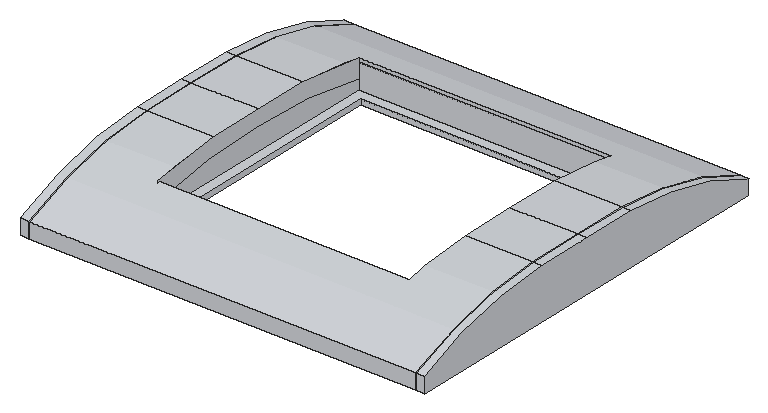
Revit family "Gira_0211726", category Electrical Fixtures, host Face, Revit 2017
Family settings
  Host = Face
  Maintain Annotation Orientation = No
  Round Connector Dimension = Use Diameter
  Part Type = Normal
  Cut with Voids When Loaded = No
  Shared = No
  Room Calculation Point = No
Parameters (values of type "Abdeckrahmen 1f Zwischenr. F Alu Gira Event Klar Weiß")
  Werkstoffgüte = "Thermoplast"
  Werkstoff = "Kunststoff"
  URL = "http://katalog.gira.de/de_DE/datenblatt.html?artikelnr=0211726"
  Transparent = "No"
  Textfeld/Beschriftungsfläche = "No"
  Schutzart (IP) = "IP20"
  Region = "DE"
  Oberfläche = "sonstige"
  Name = "Abdeckrahmen 1f Zwischenr. F Alu Gira Event Klar Weiß"
  Montagerichtung = "horizontal und vertikal"
  Mit Montagerahmen = "No"
  Mit Klappdeckel = "No"
  Manufacturer URL = "https://www.gira.de/"
  Keynote = "Event_Rahmen_1fach"
  HeinzeBIM = "https://bimportal.heinze.de/bim/abdeckrahmen-1f-zwischenr-f-alu-gira-event-klar-weiss/e2f1f1cba357852ec76cde7979d7bc786ecae6c0"
  Halogenfrei = "Yes"
  HAN = "0211726"
  Geeignet für Unterputz-Installation = "Yes"
  Geeignet für Unterflurkanaldose = "No"
  Geeignet für Geräteeinbaukanal = "No"
  Geeignet für Einbauinstallation = "No"
  GTIN = "4010337068709"
  Farbe = "weiß"
  Default Elevation = 1219.2 mm
  Data sheet (1) = "https://katalog.gira.de/de_DE/download.html?artikelnr=0211726"
  Category = "Abdeckrahmen"
  Befestigungsart = "Klemmbefestigung"
  Available = "Yes"
  Anzahl der Einheiten vertikal = "1 "
  Anzahl der Einheiten horizontal = "1 "
  Anzahl der Einheiten = "1 "
Reference planes
  plane 1 "Center (Front/Back)": y = 0
  plane 2: z = 0
  plane 3 "Center (Left/Right)": x = 0
Forms (mm)
  Extrusion 1, solid, detail levels fine
    sketch origin (0, 0, 1.55) x (0, 1, 0) y (0, 0, 1)
      loop
        arc (12.445, 9.683) -> (6.223, 9.833) -> (0, 9.85) r 291.636
        arc (0, 9.85) -> (-6.223, 9.833) -> (-12.445, 9.683) r 291.636
        arc (-12.445, 9.683) -> (-29.14, 7.482) -> (-45, 1.823) r 79.728
        line (-45, 1.823) -> (-45, -1.55) -> (-41.777, -1.55) -> (-41.777, -0.55)
        arc (-41.777, -0.55) -> (-21.205, 4.846) -> (0, 6.467) r 118.15
        arc (0, 6.467) -> (21.205, 4.846) -> (41.777, -0.55) r 118.15
        line (41.777, -0.55) -> (41.777, -1.55) -> (45, -1.55) -> (45, 1.823)
        arc (45, 1.823) -> (29.14, 7.482) -> (12.445, 9.683) r 79.728
    from -43 to 43
  Extrusion 2, void, detail levels fine
    sketch origin (0, 0, 0) x (1, 0, 0) y (0, 1, 0)
      loop
        line (-28, -28) -> (28, -28) -> (28, 28) -> (-28, 28) -> (-28, -28)
    from 2.85 to 12
  Extrusion 3, solid, detail levels coarse
    sketch origin (0, 0, 0) x (1, 0, 0) y (0, 1, 0)
      loop
        line (-45, 45) -> (-45, -45) -> (45, -45) -> (45, 45) -> (-45, 45)
    from 0 to 11.4
  Extrusion 4, solid, detail levels medium
    sketch origin (0, 0, 1.55) x (0, 1, 0) y (0, 0, 1)
      loop
        arc (12.445, 9.683) -> (6.223, 9.833) -> (0, 9.85) r 291.636
        arc (0, 9.85) -> (-6.223, 9.833) -> (-12.445, 9.683) r 291.636
        arc (-12.445, 9.683) -> (-29.14, 7.482) -> (-45, 1.823) r 79.728
        line (-45, 1.823) -> (-45, -1.55) -> (45, -1.55) -> (45, 1.823)
        arc (45, 1.823) -> (29.14, 7.482) -> (12.445, 9.683) r 79.728
    from -45 to 45
  Extrusion 5, solid, detail levels fine
    sketch origin (0, 0, 0) x (0, 1, 0) y (0, 0, 1)
      loop
        arc (45, 3.373) -> (29.14, 9.032) -> (12.445, 11.233) r 79.728
        arc (12.445, 11.233) -> (6.223, 11.383) -> (0, 11.4) r 291.636
        arc (0, 11.4) -> (-6.223, 11.383) -> (-12.445, 11.233) r 291.636
        arc (-12.445, 11.233) -> (-29.14, 9.032) -> (-45, 3.373) r 79.728
        line (-45, 3.373) -> (-45, 0) -> (45, 0) -> (45, 3.373)
    from 43 to 45
  Extrusion 6, solid, detail levels fine
    sketch origin (0, 0, 0) x (0, 1, 0) y (0, 0, -1)
      loop
        line (45, -3.373) -> (45, 0) -> (-45, 0) -> (-45, -3.373)
        arc (-45, -3.373) -> (-29.14, -9.032) -> (-12.445, -11.233) r 79.728
        arc (-12.445, -11.233) -> (-6.223, -11.383) -> (0, -11.4) r 291.636
        arc (0, -11.4) -> (6.223, -11.383) -> (12.445, -11.233) r 291.636
        arc (12.445, -11.233) -> (29.14, -9.032) -> (45, -3.373) r 79.728
    from 43 to 45
  Extrusion 7, solid, detail levels fine
    sketch origin (0, 0, 0) x (1, 0, 0) y (0, 1, 0)
      loop
        line (-25.7, 25.7) -> (-25.7, -25.7) -> (25.7, -25.7) -> (25.7, 25.7) -> (-25.7, 25.7)
      loop
        line (-29.495, 27.895) -> (-29.495, -27.895)
        spline (-29.495, -27.895) -> (-29.486, -28.025) -> (-29.461, -28.154) -> (-29.419, -28.278) -> (-29.361, -28.395) -> (-29.288, -28.504) -> (-29.202, -28.602) -> (-29.104, -28.688) -> (-28.995, -28.761) -> (-28.878, -28.819) -> (-28.754, -28.861) -> (-28.625, -28.886) -> (-28.495, -28.895)
        line (-28.495, -28.895) -> (28.495, -28.895)
        spline (28.495, -28.895) -> (28.625, -28.886) -> (28.754, -28.861) -> (28.878, -28.819) -> (28.995, -28.761) -> (29.104, -28.688) -> (29.202, -28.602) -> (29.288, -28.504) -> (29.361, -28.395) -> (29.419, -28.278) -> (29.461, -28.154) -> (29.486, -28.025) -> (29.495, -27.895)
        line (29.495, -27.895) -> (29.495, 27.895)
        spline (29.495, 27.895) -> (29.486, 28.025) -> (29.461, 28.154) -> (29.419, 28.278) -> (29.361, 28.395) -> (29.288, 28.504) -> (29.202, 28.602) -> (29.104, 28.688) -> (28.995, 28.761) -> (28.878, 28.819) -> (28.754, 28.861) -> (28.625, 28.886) -> (28.495, 28.895)
        line (28.495, 28.895) -> (-28.495, 28.895)
        spline (-28.495, 28.895) -> (-28.625, 28.886) -> (-28.754, 28.861) -> (-28.878, 28.819) -> (-28.995, 28.761) -> (-29.104, 28.688) -> (-29.202, 28.602) -> (-29.288, 28.504) -> (-29.361, 28.395) -> (-29.419, 28.278) -> (-29.461, 28.154) -> (-29.486, 28.025) -> (-29.495, 27.895)
    from 1.673 to 8.5
Cuts and joins
  Extrusion 2 cuts Extrusion 1
  Extrusion 2 cuts Extrusion 7
Dimensions and locks
  aligned and locked: plane 2 to host face
  aligned and locked: level to host face
